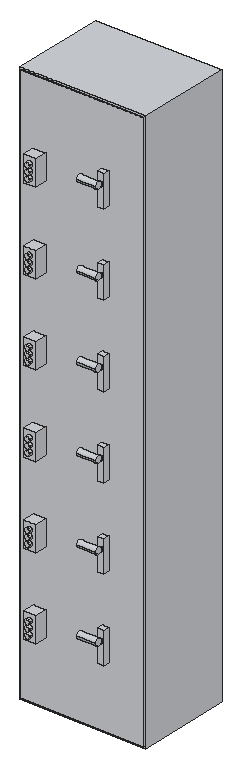
Revit family "M_Centros de controle de motor modular - Corte de ignição do motor", category Equipamento elétrico, Revit 2019
Family settings
  Cota do conector redondo = Utilizar diâmetro
  Tipo de parte = Quadro elétrico
  Número OmniClass = 23.80.30.11.17
  Título OmniClass = Distribution Boards and Control Panels
  ID de item do Seek = Modular Motor Control Centers - Motor Starter Section-0000-CAN-ENU
  Com base no plano de trabalho = Não
  Sempre na vertical = Sim
  Corte com vazios quando carregada = Não
  Compartilhado = Não
  Ponto de cálculo do ambiente = Não
Parameters (values of type "508mmx381mm")
  Voltagem do interruptor = 480 V
  Material do interruptor = none
  Material do botão = none
  Número de pólos = 3
  built-in parameter 1140079 [instance] = 3
  MCC Largura = Largura do armário + 102 mm  # 483 mm
  MCC Material = none
  Classificação de carga = AVAC
  Meio comprimento = Comprimento do armário / 2  # 254 mm
  built-in parameter 1140083 [instance] = "Tipo 12"
  built-in parameter 1140087 [instance] = 1
  Largura do armário = 381 mm
  Comprimento do armário = 508 mm
Types (4, lengths in mm): name | MCC Largura | Meio comprimento | Largura do armário | Comprimento do armário
  (no name) | 483 | 254 | 381 | 508
  508mmx381mm | 483 | 254 | 381 | 508
  508mmx508mm | 610 | 254 | 508 | 508
  610mmx508mm | 610 | 305 | 508 | 610
Reference planes
  plane 1 "Centro (Frente/Trás)": y = 0
  plane 2: z = 0
  plane 3 "Centro (Esquerda/Direita)": x = 0
  plane 4: y = -483
  plane 5: x = -254
  plane 6: x = 254
  plane 7: y = -381.4
  plane 8: z = 2286
  plane 9: y = -384.575
  plane 10: x = -247.65
  plane 11: x = 247.65
  plane 12: z = 2279.65
  plane 13: z = 6.35
  plane 14: x = -196.85
  plane 15: x = -146.05
  plane 16: y = -435.375
  plane 17: y = -448.075
  plane 18: z = 2038.35
  plane 19: z = 1911.35
  plane 20: z = 2012.95
  plane 21: x = -171.45
  plane 22: z = 1987.55
  plane 23: x = 95.25
  plane 24: x = 82.55
  plane 25: x = 107.95
  plane 26: x = 92.075
  plane 27: x = 98.425
  plane 28: x = 57.15
  plane 29: x = 133.35
  plane 30: y = -409.975
  plane 31: z = 2006.326
  plane 32: z = 1974.85
  plane 33: y = -470.3
  plane 34: y = -190.7
  plane 35: z = 1708.15
  plane 36: z = 1581.15
  plane 37: z = 1682.75
  plane 38: z = 1657.35
  plane 39: z = 1377.95
  plane 40: z = 1250.95
  plane 41: z = 1352.55
  plane 42: z = 1327.15
  plane 43: z = 1047.75
  plane 44: z = 920.75
  plane 45: z = 1022.35
  plane 46: z = 996.95
  plane 47: z = 717.55
  plane 48: z = 590.55
  plane 49: z = 692.15
  plane 50: z = 666.75
  plane 51: z = 387.35
  plane 52: z = 260.35
  plane 53: z = 361.95
  plane 54: z = 336.55
Forms (mm)
  Extrusion 1, solid, material <- "MCC Material"
    sketch origin (0, 0, 0) x (1, 0, 0) y (0, 1, 0)
      loop
        line (-254, -381.4) -> (254, -381.4) -> (254, 0) -> (-254, 0) -> (-254, -381.4)
    from 2286 to 0
  Extrusion 2, solid, material <- "MCC Material", detail levels fine
    sketch origin (0, 0, 0) x (1, 0, 0) y (0, 1, 0)
      loop
        line (-247.65, -384.575) -> (247.65, -384.575) -> (247.65, -381.4) -> (-247.65, -381.4) -> (-247.65, -384.575)
    from 6.35 to 2279.65
  Extrusion 3, solid, material <- "Material do botão", detail levels fine
    sketch origin (0, 0, 0) x (1, 0, 0) y (0, 1, 0)
      loop
        line (-196.85, -435.375) -> (-146.05, -435.375) -> (-146.05, -384.575) -> (-196.85, -384.575) -> (-196.85, -435.375)
    from 1911.35 to 2012.95
  Extrusion 4, solid, material <- "Material do botão", detail levels fine
    sketch origin (0, 0, 0) x (1, 0, 0) y (0, 0, 1)
      loop
        circle (-171.45, 1987.55) r 9.525
    from 448.075 to 435.375
  Extrusion 5, solid, material <- "Material do botão", detail levels fine
    sketch origin (0, 0, -25.4) x (1, 0, 0) y (0, 0, 1)
      loop
        circle (-171.45, 1987.55) r 9.525
    from 448.075 to 435.375
  Extrusion 6, solid, material <- "Material do botão", detail levels fine
    sketch origin (0, 0, -50.8) x (1, 0, 0) y (0, 0, 1)
      loop
        circle (-171.45, 1987.55) r 9.525
    from 448.075 to 435.375
  Extrusion 7, solid, material <- "Material do botão", detail levels fine
    sketch origin (0, -12.7, -330.2) x (1, 0, 0) y (0, 1, 0)
      loop
        line (-196.85, -422.675) -> (-146.05, -422.675) -> (-146.05, -371.875) -> (-196.85, -371.875) -> (-196.85, -422.675)
    from 1911.35 to 2012.95
  Extrusion 8, solid, material <- "Material do botão", detail levels fine
    sketch origin (0, 0, -330.2) x (1, 0, 0) y (0, 0, 1)
      loop
        circle (-171.45, 1987.55) r 9.525
    from 448.075 to 435.375
  Extrusion 9, solid, material <- "Material do botão", detail levels fine
    sketch origin (0, 0, -355.6) x (1, 0, 0) y (0, 0, 1)
      loop
        circle (-171.45, 1987.55) r 9.525
    from 448.075 to 435.375
  Extrusion 10, solid, material <- "Material do botão", detail levels fine
    sketch origin (0, 0, -381) x (1, 0, 0) y (0, 0, 1)
      loop
        circle (-171.45, 1987.55) r 9.525
    from 448.075 to 435.375
  Extrusion 11, solid, material <- "Material do botão", detail levels fine
    sketch origin (0, 0, -660.4) x (1, 0, 0) y (0, 1, 0)
      loop
        line (-196.85, -435.375) -> (-146.05, -435.375) -> (-146.05, -384.575) -> (-196.85, -384.575) -> (-196.85, -435.375)
    from 1911.35 to 2012.95
  Extrusion 12, solid, material <- "Material do botão", detail levels fine
    sketch origin (0, 0, -660.4) x (1, 0, 0) y (0, 0, 1)
      loop
        circle (-171.45, 1987.55) r 9.525
    from 448.075 to 435.375
  Extrusion 13, solid, material <- "Material do botão", detail levels fine
    sketch origin (0, 0, -685.8) x (1, 0, 0) y (0, 0, 1)
      loop
        circle (-171.45, 1987.55) r 9.525
    from 448.075 to 435.375
  Extrusion 14, solid, material <- "Material do botão", detail levels fine
    sketch origin (0, 0, -711.2) x (1, 0, 0) y (0, 0, 1)
      loop
        circle (-171.45, 1987.55) r 9.525
    from 448.075 to 435.375
  Extrusion 15, solid, material <- "Material do botão", detail levels fine
    sketch origin (0, -12.7, -990.6) x (1, 0, 0) y (0, 1, 0)
      loop
        line (-196.85, -422.675) -> (-146.05, -422.675) -> (-146.05, -371.875) -> (-196.85, -371.875) -> (-196.85, -422.675)
    from 1911.35 to 2012.95
  Extrusion 16, solid, material <- "Material do botão", detail levels fine
    sketch origin (0, 0, -990.6) x (1, 0, 0) y (0, 0, 1)
      loop
        circle (-171.45, 1987.55) r 9.525
    from 448.075 to 435.375
  Extrusion 17, solid, material <- "Material do botão", detail levels fine
    sketch origin (0, 0, -1016) x (1, 0, 0) y (0, 0, 1)
      loop
        circle (-171.45, 1987.55) r 9.525
    from 448.075 to 435.375
  Extrusion 18, solid, material <- "Material do botão", detail levels fine
    sketch origin (0, 0, -1041.4) x (1, 0, 0) y (0, 0, 1)
      loop
        circle (-171.45, 1987.55) r 9.525
    from 448.075 to 435.375
  Extrusion 19, solid, material <- "Material do botão", detail levels fine
    sketch origin (0, 0, -1320.8) x (1, 0, 0) y (0, 1, 0)
      loop
        line (-196.85, -435.375) -> (-146.05, -435.375) -> (-146.05, -384.575) -> (-196.85, -384.575) -> (-196.85, -435.375)
    from 1911.35 to 2012.95
  Extrusion 20, solid, material <- "Material do botão", detail levels fine
    sketch origin (0, 0, -1320.8) x (1, 0, 0) y (0, 0, 1)
      loop
        circle (-171.45, 1987.55) r 9.525
    from 435.375 to 448.075
  Extrusion 21, solid, material <- "Material do botão", detail levels fine
    sketch origin (0, 0, -1346.2) x (1, 0, 0) y (0, 0, 1)
      loop
        circle (-171.45, 1987.55) r 9.525
    from 435.375 to 448.075
  Extrusion 22, solid, material <- "Material do botão", detail levels fine
    sketch origin (0, 0, -1371.6) x (1, 0, 0) y (0, 0, 1)
      loop
        circle (-171.45, 1987.55) r 9.525
    from 435.375 to 448.075
  Extrusion 23, solid, material <- "Material do botão", detail levels fine
    sketch origin (0, 0, -1651) x (1, 0, 0) y (0, 1, 0)
      loop
        line (-196.85, -435.375) -> (-146.05, -435.375) -> (-146.05, -384.575) -> (-196.85, -384.575) -> (-196.85, -435.375)
    from 1911.35 to 2012.95
  Extrusion 24, solid, material <- "Material do botão", detail levels fine
    sketch origin (0, 0, -1651) x (1, 0, 0) y (0, 0, 1)
      loop
        circle (-171.45, 1987.55) r 9.525
    from 448.075 to 435.375
  Extrusion 25, solid, material <- "Material do botão", detail levels fine
    sketch origin (0, 0, -1676.4) x (1, 0, 0) y (0, 0, 1)
      loop
        circle (-171.45, 1987.55) r 9.525
    from 448.075 to 435.375
  Extrusion 26, solid, material <- "Material do botão", detail levels fine
    sketch origin (0, 0, -1701.8) x (1, 0, 0) y (0, 0, 1)
      loop
        circle (-171.45, 1987.55) r 9.525
    from 448.075 to 435.375
  Extrusion 27, solid, material <- "Material do interruptor", detail levels fine
    sketch origin (0, 0, 0) x (1, 0, 0) y (0, 0, 1)
      loop
        line (82.55, 1911.35) -> (107.95, 1911.35) -> (107.95, 2038.35) -> (82.55, 2038.35) -> (82.55, 1911.35)
    from 409.975 to 384.575
  Extrusion 28, solid, material <- "Material do interruptor", detail levels fine
    sketch origin (0, 0, 0) x (0, 1, 0) y (0, 0, 1)
      loop
        line (-409.975, 2006.326) -> (-470.3, 2041.154) -> (-470.3, 2022.379) -> (-409.975, 1987.55) -> (-409.975, 2006.326)
    from 98.425 to 92.075
  Extrusion 29, solid, material <- "Material do interruptor", detail levels fine
    sketch origin (0, 0, 0) x (0, 1, 0) y (0, 0, 1)
      loop
        circle (-470.3, 2031.512) r 12.7
    from 133.35 to 57.15
  Extrusion 30, solid, material <- "Material do interruptor", detail levels fine
    sketch origin (0, 0, -330.2) x (1, 0, 0) y (0, 0, 1)
      loop
        line (82.55, 1911.35) -> (107.95, 1911.35) -> (107.95, 2038.35) -> (82.55, 2038.35) -> (82.55, 1911.35)
    from 409.975 to 384.575
  Extrusion 31, solid, material <- "Material do interruptor", detail levels fine
    sketch origin (0, 0, -330.2) x (0, 1, 0) y (0, 0, 1)
      loop
        line (-409.975, 2006.326) -> (-470.3, 2041.154) -> (-470.3, 2022.379) -> (-409.975, 1987.55) -> (-409.975, 2006.326)
    from 98.425 to 92.075
  Extrusion 32, solid, material <- "Material do interruptor", detail levels fine
    sketch origin (0, 0, -330.2) x (0, 1, 0) y (0, 0, 1)
      loop
        circle (-470.3, 2031.512) r 12.7
    from 133.35 to 57.15
  Extrusion 33, solid, material <- "Material do interruptor", detail levels fine
    sketch origin (0, 0, -660.4) x (1, 0, 0) y (0, 0, 1)
      loop
        line (82.55, 1911.35) -> (107.95, 1911.35) -> (107.95, 2038.35) -> (82.55, 2038.35) -> (82.55, 1911.35)
    from 409.975 to 384.575
  Extrusion 34, solid, material <- "Material do interruptor", detail levels fine
    sketch origin (0, 0, -660.4) x (0, 1, 0) y (0, 0, 1)
      loop
        line (-409.975, 2006.326) -> (-470.3, 2041.154) -> (-470.3, 2022.379) -> (-409.975, 1987.55) -> (-409.975, 2006.326)
    from 98.425 to 92.075
  Extrusion 35, solid, material <- "Material do interruptor", detail levels fine
    sketch origin (0, 0, -660.4) x (0, 1, 0) y (0, 0, 1)
      loop
        circle (-470.3, 2031.512) r 12.7
    from 133.35 to 57.15
  Extrusion 36, solid, material <- "Material do interruptor", detail levels fine
    sketch origin (0, 0, -990.6) x (1, 0, 0) y (0, 0, 1)
      loop
        line (82.55, 1911.35) -> (107.95, 1911.35) -> (107.95, 2038.35) -> (82.55, 2038.35) -> (82.55, 1911.35)
    from 409.975 to 384.575
  Extrusion 37, solid, material <- "Material do interruptor", detail levels fine
    sketch origin (0, 0, -990.6) x (0, 1, 0) y (0, 0, 1)
      loop
        line (-409.975, 2006.326) -> (-470.3, 2041.154) -> (-470.3, 2022.379) -> (-409.975, 1987.55) -> (-409.975, 2006.326)
    from 98.425 to 92.075
  Extrusion 38, solid, material <- "Material do interruptor", detail levels fine
    sketch origin (0, 0, -990.6) x (0, 1, 0) y (0, 0, 1)
      loop
        circle (-470.3, 2031.512) r 12.7
    from 133.35 to 57.15
  Extrusion 39, solid, material <- "Material do interruptor", detail levels fine
    sketch origin (0, 0, -1320.8) x (1, 0, 0) y (0, 0, 1)
      loop
        line (82.55, 1911.35) -> (107.95, 1911.35) -> (107.95, 2038.35) -> (82.55, 2038.35) -> (82.55, 1911.35)
    from 409.975 to 384.575
  Extrusion 40, solid, material <- "Material do interruptor", detail levels fine
    sketch origin (0, 0, -1320.8) x (0, 1, 0) y (0, 0, 1)
      loop
        line (-409.975, 2006.326) -> (-470.3, 2041.154) -> (-470.3, 2022.379) -> (-409.975, 1987.55) -> (-409.975, 2006.326)
    from 98.425 to 92.075
  Extrusion 41, solid, material <- "Material do interruptor", detail levels fine
    sketch origin (0, 0, -1320.8) x (0, 1, 0) y (0, 0, 1)
      loop
        circle (-470.3, 2031.512) r 12.7
    from 57.15 to 133.35
  Extrusion 42, solid, material <- "Material do interruptor", detail levels fine
    sketch origin (0, 0, -1651) x (1, 0, 0) y (0, 0, 1)
      loop
        line (82.55, 1911.35) -> (107.95, 1911.35) -> (107.95, 2038.35) -> (82.55, 2038.35) -> (82.55, 1911.35)
    from 409.975 to 384.575
  Extrusion 43, solid, material <- "Material do interruptor", detail levels fine
    sketch origin (0, 0, -1651) x (0, 1, 0) y (0, 0, 1)
      loop
        line (-409.975, 2006.326) -> (-470.3, 2041.154) -> (-470.3, 2022.379) -> (-409.975, 1987.55) -> (-409.975, 2006.326)
    from 98.425 to 92.075
  Extrusion 44, solid, material <- "Material do interruptor", detail levels fine
    sketch origin (0, 0, -1651) x (0, 1, 0) y (0, 0, 1)
      loop
        circle (-470.3, 2031.512) r 12.7
    from 133.35 to 57.15
Cuts and joins
  joined: Extrusion 3, Extrusion 4, Extrusion 5, Extrusion 6
  joined: Extrusion 27, Extrusion 28, Extrusion 29
  joined: Extrusion 36, Extrusion 37, Extrusion 38
  joined: Extrusion 33, Extrusion 34, Extrusion 35
  joined: Extrusion 30, Extrusion 31, Extrusion 32
  joined: Extrusion 39, Extrusion 40, Extrusion 41
  joined: Extrusion 42, Extrusion 43, Extrusion 44
  joined: Extrusion 23, Extrusion 24, Extrusion 25, Extrusion 26
  joined: Extrusion 19, Extrusion 20, Extrusion 21, Extrusion 22
  joined: Extrusion 15, Extrusion 16, Extrusion 17, Extrusion 18
  joined: Extrusion 11, Extrusion 12, Extrusion 13, Extrusion 14
  joined: Extrusion 7, Extrusion 8, Extrusion 9, Extrusion 10
Lines and regions (mm)
  model lines, detail levels fine
    curve 1: line (-247.65, -384.575, 2139.95) -> (247.65, -384.575, 2139.95)
    curve 2: line (165.1, -384.575, 2127.25) -> (165.1, -384.575, 158.75)
    curve 3: line (152.4, -384.575, 2127.25) -> (152.4, -384.575, 158.75)
    curve 4: line (-247.65, -384.575, 2127.25) -> (152.4, -384.575, 2127.25)
    curve 5: line (-247.65, -384.575, 1809.75) -> (152.4, -384.575, 1809.75)
    curve 6: line (-247.65, -384.575, 1797.05) -> (152.4, -384.575, 1797.05)
    curve 7: line (-247.65, -384.575, 1479.55) -> (152.4, -384.575, 1479.55)
    curve 8: line (-247.65, -384.575, 1466.85) -> (152.4, -384.575, 1466.85)
    curve 9: line (-247.65, -384.575, 1149.35) -> (152.4, -384.575, 1149.35)
    curve 10: line (-247.65, -384.575, 1136.65) -> (152.4, -384.575, 1136.65)
    curve 11: line (-247.65, -384.575, 819.15) -> (152.4, -384.575, 819.15)
    curve 12: line (-247.65, -384.575, 806.45) -> (152.4, -384.575, 806.45)
    curve 13: line (-247.65, -384.575, 488.95) -> (152.4, -384.575, 488.95)
    curve 14: line (-247.65, -384.575, 476.25) -> (152.4, -384.575, 476.25)
    curve 15: line (-247.65, -384.575, 158.75) -> (152.4, -384.575, 158.75)
    curve 16: line (-247.65, -384.575, 146.05) -> (247.65, -384.575, 146.05)
    curve 17: line (165.1, -384.575, 2127.25) -> (247.65, -384.575, 2127.25)
    curve 18: line (165.1, -384.575, 158.75) -> (247.65, -384.575, 158.75)
Dimensions and locks
  "MCC Largura": plane 4 to plane 1 "Centro (Frente/Trás)"
  "Meio comprimento": plane 5 to plane 3 "Centro (Esquerda/Direita)"
  "Meio comprimento": plane 6 to plane 3 "Centro (Esquerda/Direita)"
  locked: plane 7 to plane 4 at 101.6
  locked: plane 8 to plane 2 at 2286
  locked: plane 9 to plane 4 at 98.425
  locked: plane 5 to plane 10 at 6.35
  locked: plane 11 to plane 6 at 6.35
  locked: plane 8 to plane 12 at 6.35
  locked: plane 13 to plane 2 at 6.35
  locked: curve 2 to plane 6 at 88.9
  locked: curve 3 to curve 2 at 12.7
  plane 5 to plane 14 = 57.15 mm
  locked: plane 14 to plane 15 at 50.8
  locked: plane 9 to plane 16 at 50.8
  locked: plane 16 to plane 17 at 12.7
  locked: plane 8 to plane 18 at 247.65
  locked: plane 18 to plane 19 at 127
  equal spacing: plane 15, plane 21, plane 14
  locked: plane 20 to plane 19 at 101.6
  locked: plane 20 to plane 22 at 25.4
  locked: plane 23 to plane 6 at 158.75
  plane 24 to plane 23 to plane 25 = 12.7 mm locked, 12.7 mm locked
  plane 26 to plane 23 to plane 27 = 3.175 mm locked, 3.175 mm locked
  locked: plane 28 to plane 23 at 38.1
  locked: plane 23 to plane 29 at 38.1
  locked: plane 9 to plane 30 at 25.4
  locked: plane 18 to plane 31 at 32.024
  locked: plane 32 to plane 19 at 63.5
  locked: plane 33 to plane 4 at 12.7
  equal spacing: plane 7, plane 34, plane 1 "Centro (Frente/Trás)"
  locked: connector elem to plane 6 at 50.8
  locked: connector elem to plane 34
  locked: plane 35 to plane 36 at 127
  locked: plane 37 to plane 36 at 101.6
  locked: plane 37 to plane 38 at 25.4
  locked: plane 39 to plane 40 at 127
  locked: plane 41 to plane 40 at 101.6
  locked: plane 41 to plane 42 at 25.4
  locked: plane 43 to plane 44 at 127
  locked: plane 45 to plane 44 at 101.6
  locked: plane 45 to plane 46 at 25.4
  locked: plane 47 to plane 48 at 127
  locked: plane 49 to plane 48 at 101.6
  locked: plane 49 to plane 50 at 25.4
  locked: plane 51 to plane 52 at 127
  locked: plane 53 to plane 52 at 101.6
  locked: plane 53 to plane 54 at 25.4
  locked: plane 18 to plane 35 at 330.2
  locked: plane 35 to plane 39 at 330.2
  locked: plane 39 to plane 43 at 330.2
  locked: plane 43 to plane 47 at 330.2
  locked: plane 47 to plane 51 at 330.2
  locked: plane 18 to Extrusion 29 sketch curve at 6.838
  locked: plane 35 to Extrusion 32 sketch curve at 6.838
  locked: plane 39 to Extrusion 35 sketch curve at 6.838
  locked: plane 43 to Extrusion 38 sketch curve at 6.838
  locked: plane 47 to Extrusion 41 sketch curve at 6.838
  locked: plane 51 to Extrusion 44 sketch curve at 6.838
  locked: plane 22 to Extrusion 28 sketch curve (angle 30.00°)
  locked: plane 22 to cut or joined group of Extrusion 27, Extrusion 28, Extrusion 29 (angle 30.00°)
  locked: plane 38 to cut or joined group of Extrusion 30, Extrusion 31, Extrusion 32 (angle 30.00°)  (x2)
  locked: plane 42 to cut or joined group of Extrusion 33, Extrusion 34, Extrusion 35 (angle 30.00°)  (x2)
  locked: plane 46 to cut or joined group of Extrusion 36, Extrusion 37, Extrusion 38 (angle 30.00°)  (x2)
  locked: plane 50 to cut or joined group of Extrusion 39, Extrusion 40, Extrusion 41 (angle 30.00°)  (x2)
  locked: plane 54 to cut or joined group of Extrusion 42, Extrusion 43, Extrusion 44 (angle 30.00°)  (x2)
  aligned and locked: plane 5 to Extrusion 1 sketch curve
  aligned and locked: Extrusion 1 sketch curve to plane 7
  aligned and locked: plane 1 "Centro (Frente/Trás)" to Extrusion 1 sketch curve
  aligned and locked: plane 6 to Extrusion 1 sketch curve
  aligned and locked: plane 8 to Extrusion 1
  aligned and locked: Extrusion 1 to plane 2
  aligned and locked: plane 10 to Extrusion 2 sketch curve
  aligned and locked: Extrusion 2 sketch curve to plane 9
  aligned and locked: plane 7 to Extrusion 2 sketch curve
  aligned and locked: plane 11 to Extrusion 2 sketch curve
  aligned and locked: Extrusion 2 to plane 13
  aligned and locked: plane 12 to Extrusion 2
  aligned and locked: plane 10 to curve 1
  aligned and locked: plane 11 to curve 1
  aligned and locked: plane 11 to curve 18
  aligned and locked: plane 14 to Extrusion 3 sketch curve
  aligned and locked: Extrusion 3 sketch curve to plane 16
  aligned and locked: plane 9 to Extrusion 3 sketch curve
  aligned and locked: plane 15 to Extrusion 3 sketch curve
  aligned and locked: Extrusion 3 to plane 19
  aligned and locked: plane 21 to Extrusion 4 sketch curve
  aligned and locked: Extrusion 4 to plane 16
  aligned and locked: Extrusion 4 to plane 17
  aligned and locked: plane 20 to Extrusion 3
  aligned and locked: plane 22 to Extrusion 4 sketch curve
  aligned and locked: plane 20 to cut or joined group of Extrusion 3, Extrusion 4, Extrusion 5, Extrusion 6
  aligned and locked: cut or joined group of Extrusion 3, Extrusion 4, Extrusion 5, Extrusion 6 to plane 19
  aligned and locked: plane 15 to Extrusion 23
  aligned and locked: Extrusion 23 to plane 14
  aligned and locked: plane 15 to Extrusion 19
  aligned and locked: Extrusion 19 to plane 14
  aligned and locked: plane 15 to Extrusion 15
  aligned and locked: Extrusion 15 to plane 14
  aligned and locked: plane 15 to Extrusion 11
  aligned and locked: Extrusion 11 to plane 14
  aligned and locked: plane 15 to Extrusion 7
  aligned and locked: Extrusion 7 to plane 14
  aligned and locked: plane 15 to cut or joined group of Extrusion 3, Extrusion 4, Extrusion 5, Extrusion 6
  aligned and locked: cut or joined group of Extrusion 3, Extrusion 4, Extrusion 5, Extrusion 6 to plane 14
  aligned and locked: cut or joined group of Extrusion 3, Extrusion 4, Extrusion 5, Extrusion 6 to plane 20  (x2)
  aligned and locked: plane 19 to cut or joined group of Extrusion 3, Extrusion 4, Extrusion 5, Extrusion 6
  aligned and locked: plane 24 to Extrusion 27 sketch curve
  aligned and locked: Extrusion 27 sketch curve to plane 19
  aligned and locked: plane 18 to Extrusion 27 sketch curve
  aligned and locked: plane 25 to Extrusion 27 sketch curve
  aligned and locked: Extrusion 27 to plane 9
  aligned and locked: plane 30 to Extrusion 27
  aligned and locked: plane 33 to Extrusion 28 sketch curve
  aligned and locked: plane 28 to Extrusion 29
  aligned and locked: plane 29 to Extrusion 29
  aligned and locked: plane 26 to Extrusion 28
  aligned and locked: plane 27 to Extrusion 28
  aligned and locked: plane 30 to Extrusion 30
  aligned and locked: plane 30 to Extrusion 33
  aligned and locked: plane 30 to Extrusion 36
  aligned and locked: plane 30 to Extrusion 39
  aligned and locked: plane 30 to Extrusion 42
  aligned and locked: Extrusion 43 to plane 30
  aligned and locked: Extrusion 40 to plane 30
  aligned and locked: Extrusion 37 to plane 30
  aligned and locked: Extrusion 34 to plane 30
  aligned and locked: Extrusion 31 to plane 30
  aligned and locked: plane 30 to cut or joined group of Extrusion 27, Extrusion 28, Extrusion 29
  aligned and locked: Extrusion 32 to plane 28
  aligned and locked: plane 29 to Extrusion 32
  aligned and locked: plane 26 to Extrusion 31
  aligned and locked: plane 27 to Extrusion 31
  aligned and locked: Extrusion 35 to plane 28
  aligned and locked: plane 29 to Extrusion 35
  aligned and locked: plane 26 to Extrusion 34
  aligned and locked: plane 27 to Extrusion 34
  aligned and locked: Extrusion 38 to plane 28
  aligned and locked: plane 29 to Extrusion 38
  aligned and locked: plane 26 to Extrusion 37
  aligned and locked: plane 27 to Extrusion 37
  aligned and locked: plane 28 to Extrusion 41
  aligned and locked: plane 29 to Extrusion 41
  aligned and locked: plane 26 to Extrusion 40
  aligned and locked: plane 27 to Extrusion 40
  aligned and locked: Extrusion 44 to plane 28
  aligned and locked: plane 29 to Extrusion 44
  aligned and locked: plane 26 to Extrusion 43
  aligned and locked: plane 27 to Extrusion 43
  aligned and locked: plane 9 to Extrusion 30
  aligned and locked: plane 9 to Extrusion 33
  aligned and locked: plane 9 to Extrusion 42
  aligned and locked: plane 9 to Extrusion 39
  aligned and locked: plane 9 to Extrusion 36
  aligned and locked: cut or joined group of Extrusion 3, Extrusion 4, Extrusion 5, Extrusion 6 to plane 16  (x4)
  aligned and locked: cut or joined group of Extrusion 3, Extrusion 4, Extrusion 5, Extrusion 6 to plane 17  (x2)
  aligned and locked: Extrusion 8 to plane 16
  aligned and locked: Extrusion 9 to plane 16
  aligned and locked: Extrusion 10 to plane 16
  aligned and locked: Extrusion 8 to plane 17
  aligned and locked: Extrusion 9 to plane 17
  aligned and locked: Extrusion 10 to plane 17
  aligned and locked: Extrusion 12 to plane 16
  aligned and locked: Extrusion 13 to plane 16
  aligned and locked: Extrusion 14 to plane 16
  aligned and locked: Extrusion 12 to plane 17
  aligned and locked: Extrusion 13 to plane 17
  aligned and locked: Extrusion 14 to plane 17
  aligned and locked: Extrusion 16 to plane 16
  aligned and locked: Extrusion 17 to plane 16
  aligned and locked: Extrusion 18 to plane 16
  aligned and locked: Extrusion 16 to plane 17
  aligned and locked: Extrusion 17 to plane 17
  aligned and locked: Extrusion 18 to plane 17
  aligned and locked: Extrusion 20 to plane 16
  aligned and locked: Extrusion 21 to plane 16
  aligned and locked: Extrusion 22 to plane 16
  aligned and locked: Extrusion 20 to plane 17
  aligned and locked: Extrusion 21 to plane 17
  aligned and locked: Extrusion 22 to plane 17
  aligned and locked: Extrusion 24 to plane 16
  aligned and locked: Extrusion 25 to plane 16
  aligned and locked: Extrusion 26 to plane 16
  aligned and locked: Extrusion 24 to plane 17
  aligned and locked: Extrusion 25 to plane 17
  aligned and locked: Extrusion 26 to plane 17
  aligned and locked: plane 33 to Extrusion 32 sketch curve
  aligned and locked: plane 33 to Extrusion 35 sketch curve
  aligned and locked: plane 33 to Extrusion 38 sketch curve
  aligned and locked: plane 33 to Extrusion 41 sketch curve
  aligned and locked: plane 33 to Extrusion 44 sketch curve
  aligned and locked: plane 35 to cut or joined group of Extrusion 30, Extrusion 31, Extrusion 32
  aligned and locked: cut or joined group of Extrusion 7, Extrusion 8, Extrusion 9, Extrusion 10 to plane 36
  aligned and locked: cut or joined group of Extrusion 30, Extrusion 31, Extrusion 32 to plane 36  (x2)
  aligned and locked: plane 36 to cut or joined group of Extrusion 7, Extrusion 8, Extrusion 9, Extrusion 10
  aligned and locked: plane 39 to cut or joined group of Extrusion 33, Extrusion 34, Extrusion 35
  aligned and locked: cut or joined group of Extrusion 11, Extrusion 12, Extrusion 13, Extrusion 14 to plane 40
  aligned and locked: cut or joined group of Extrusion 33, Extrusion 34, Extrusion 35 to plane 40  (x2)
  aligned and locked: plane 40 to cut or joined group of Extrusion 11, Extrusion 12, Extrusion 13, Extrusion 14  (x2)
  aligned and locked: plane 43 to cut or joined group of Extrusion 36, Extrusion 37, Extrusion 38
  aligned and locked: cut or joined group of Extrusion 15, Extrusion 16, Extrusion 17, Extrusion 18 to plane 44
  aligned and locked: plane 47 to cut or joined group of Extrusion 39, Extrusion 40, Extrusion 41
  aligned and locked: cut or joined group of Extrusion 19, Extrusion 20, Extrusion 21, Extrusion 22 to plane 48
  aligned and locked: plane 51 to cut or joined group of Extrusion 42, Extrusion 43, Extrusion 44
  aligned and locked: cut or joined group of Extrusion 23, Extrusion 24, Extrusion 25, Extrusion 26 to plane 52
  aligned and locked: plane 38 to Extrusion 8 sketch curve
  aligned and locked: plane 21 to Extrusion 8 sketch curve
  aligned and locked: plane 41 to cut or joined group of Extrusion 11, Extrusion 12, Extrusion 13, Extrusion 14
  aligned and locked: plane 37 to cut or joined group of Extrusion 7, Extrusion 8, Extrusion 9, Extrusion 10
  aligned and locked: cut or joined group of Extrusion 27, Extrusion 28, Extrusion 29 to plane 19
  aligned and locked: cut or joined group of Extrusion 11, Extrusion 12, Extrusion 13, Extrusion 14 to plane 41
  aligned and locked: plane 45 to cut or joined group of Extrusion 15, Extrusion 16, Extrusion 17, Extrusion 18
  aligned and locked: cut or joined group of Extrusion 36, Extrusion 37, Extrusion 38 to plane 44  (x2)
  aligned and locked: plane 49 to cut or joined group of Extrusion 19, Extrusion 20, Extrusion 21, Extrusion 22
  aligned and locked: cut or joined group of Extrusion 39, Extrusion 40, Extrusion 41 to plane 48  (x2)
  aligned and locked: plane 53 to cut or joined group of Extrusion 23, Extrusion 24, Extrusion 25, Extrusion 26
  aligned and locked: cut or joined group of Extrusion 42, Extrusion 43, Extrusion 44 to plane 52
  aligned and locked: plane 9 to cut or joined group of Extrusion 23, Extrusion 24, Extrusion 25, Extrusion 26
  aligned and locked: plane 9 to cut or joined group of Extrusion 42, Extrusion 43, Extrusion 44
  aligned and locked: cut or joined group of Extrusion 23, Extrusion 24, Extrusion 25, Extrusion 26 to plane 16  (x2)
  aligned and locked: cut or joined group of Extrusion 23, Extrusion 24, Extrusion 25, Extrusion 26 to plane 17  (x3)
  aligned and locked: plane 30 to cut or joined group of Extrusion 42, Extrusion 43, Extrusion 44
  aligned and locked: plane 30 to cut or joined group of Extrusion 39, Extrusion 40, Extrusion 41
  aligned and locked: cut or joined group of Extrusion 19, Extrusion 20, Extrusion 21, Extrusion 22 to plane 16
  aligned and locked: plane 9 to cut or joined group of Extrusion 19, Extrusion 20, Extrusion 21, Extrusion 22
  aligned and locked: cut or joined group of Extrusion 19, Extrusion 20, Extrusion 21, Extrusion 22 to plane 9
  aligned and locked: plane 9 to cut or joined group of Extrusion 15, Extrusion 16, Extrusion 17, Extrusion 18
  aligned and locked: cut or joined group of Extrusion 15, Extrusion 16, Extrusion 17, Extrusion 18 to plane 16
  aligned and locked: plane 9 to cut or joined group of Extrusion 36, Extrusion 37, Extrusion 38
  aligned and locked: plane 30 to cut or joined group of Extrusion 36, Extrusion 37, Extrusion 38
  aligned and locked: plane 9 to cut or joined group of Extrusion 11, Extrusion 12, Extrusion 13, Extrusion 14
  aligned and locked: plane 9 to cut or joined group of Extrusion 7, Extrusion 8, Extrusion 9, Extrusion 10
  aligned and locked: plane 9 to cut or joined group of Extrusion 30, Extrusion 31, Extrusion 32
  aligned and locked: plane 30 to cut or joined group of Extrusion 30, Extrusion 31, Extrusion 32
  aligned and locked: cut or joined group of Extrusion 7, Extrusion 8, Extrusion 9, Extrusion 10 to plane 16
  aligned and locked: plane 9 to cut or joined group of Extrusion 27, Extrusion 28, Extrusion 29
  aligned and locked: cut or joined group of Extrusion 27, Extrusion 28, Extrusion 29 to plane 30
  aligned and locked: plane 33 to Extrusion 29 sketch curve
Automatic sketch dimensions
  Extrusion 5 sketch curve to plane 21 = 0 mm
  Extrusion 5 sketch curve to plane 32 = 12.7 mm
  Extrusion 9 sketch curve to plane 21 = 0 mm
  Extrusion 9 sketch curve to plane 38 = 25.4 mm
  Extrusion 10 sketch curve to plane 21 = 0 mm
  plane 36 to Extrusion 10 sketch curve = 25.4 mm
  Extrusion 12 sketch curve to plane 21 = 0 mm
  Extrusion 12 sketch curve to plane 36 = 254 mm
  Extrusion 13 sketch curve to plane 21 = 0 mm
  Extrusion 13 sketch curve to plane 36 = 279.4 mm
  Extrusion 14 sketch curve to plane 21 = 0 mm
  Extrusion 14 sketch curve to plane 36 = 304.8 mm
  Extrusion 16 sketch curve to plane 21 = 0 mm
  Extrusion 16 sketch curve to plane 36 = 584.2 mm
  Extrusion 17 sketch curve to plane 21 = 0 mm
  Extrusion 17 sketch curve to plane 36 = 609.6 mm
  Extrusion 18 sketch curve to plane 21 = 0 mm
  Extrusion 18 sketch curve to plane 36 = 635 mm
  Extrusion 30 sketch curve to plane 24 = 0 mm
  Extrusion 30 sketch curve to plane 25 = 0 mm
  Extrusion 30 sketch curve to plane 36 = 0 mm
  Extrusion 30 sketch curve to plane 35 = 0 mm
  Extrusion 33 sketch curve to plane 24 = 0 mm
  Extrusion 33 sketch curve to plane 25 = 0 mm
  Extrusion 33 sketch curve to plane 36 = 330.2 mm
  Extrusion 33 sketch curve to Extrusion 33 sketch curve = 127 mm
  Extrusion 36 sketch curve to plane 24 = 0 mm
  Extrusion 36 sketch curve to plane 25 = 0 mm
  Extrusion 36 sketch curve to plane 36 = 660.4 mm
  Extrusion 36 sketch curve to Extrusion 36 sketch curve = 127 mm
  Extrusion 20 sketch curve to plane 21 = 0 mm
  Extrusion 20 sketch curve to plane 40 = 584.2 mm
  Extrusion 21 sketch curve to plane 21 = 0 mm
  Extrusion 21 sketch curve to plane 40 = 609.6 mm
  Extrusion 22 sketch curve to plane 21 = 0 mm
  Extrusion 22 sketch curve to plane 44 = 304.8 mm
  Extrusion 39 sketch curve to plane 24 = 0 mm
  Extrusion 39 sketch curve to plane 25 = 0 mm
  Extrusion 39 sketch curve to plane 44 = 330.2 mm
  Extrusion 39 sketch curve to Extrusion 39 sketch curve = 127 mm
  Extrusion 24 sketch curve to plane 21 = 0 mm
  Extrusion 24 sketch curve to plane 48 = 254 mm
  Extrusion 25 sketch curve to plane 21 = 0 mm
  Extrusion 25 sketch curve to plane 48 = 279.4 mm
  curve 16 to Extrusion 2 = 0 mm  (x2)
  curve 15 to Extrusion 2 = 0 mm
  curve 14 to Extrusion 2 = 0 mm
  curve 13 to Extrusion 2 = 0 mm
  curve 12 to Extrusion 2 = 0 mm
  curve 4 to Extrusion 2 = 0 mm
  curve 11 to Extrusion 2 = 0 mm
  curve 5 to Extrusion 2 = 0 mm
  curve 10 to Extrusion 2 = 0 mm
  curve 6 to Extrusion 2 = 0 mm
  curve 9 to Extrusion 2 = 0 mm
  curve 7 to Extrusion 2 = 0 mm
  curve 8 to Extrusion 2 = 0 mm
  curve 17 to Extrusion 2 = 0 mm
  Extrusion 2 to curve 16 = 139.7 mm
  curve 16 to curve 2 = 12.7 mm
  curve 3 to curve 2 = 0 mm
  curve 3 to curve 14 = 317.5 mm
  curve 14 to curve 13 = 12.7 mm
  curve 13 to curve 12 = 317.5 mm
  curve 12 to curve 11 = 12.7 mm
  curve 11 to curve 10 = 317.5 mm
  curve 10 to curve 9 = 12.7 mm
  curve 9 to curve 8 = 317.5 mm
  curve 8 to curve 7 = 12.7 mm
  curve 7 to curve 6 = 317.5 mm
  curve 6 to curve 5 = 12.7 mm
  Extrusion 2 to curve 4 = 152.4 mm
  curve 2 to curve 3 = 0 mm
  curve 4 to curve 1 = 12.7 mm
  Extrusion 6 sketch curve to plane 21 = 0 mm
  plane 19 to Extrusion 6 sketch curve = 25.4 mm
  Extrusion 7 sketch curve to plane 9 = 0 mm
  Extrusion 7 sketch curve to plane 14 = 0 mm
  Extrusion 7 sketch curve to plane 15 = 0 mm
  Extrusion 7 sketch curve to plane 16 = 0 mm
  Extrusion 11 sketch curve to plane 9 = 0 mm
  Extrusion 11 sketch curve to plane 14 = 0 mm
  Extrusion 11 sketch curve to plane 15 = 0 mm
  Extrusion 11 sketch curve to plane 16 = 0 mm
  Extrusion 15 sketch curve to plane 9 = 0 mm
  Extrusion 15 sketch curve to plane 14 = 0 mm
  Extrusion 15 sketch curve to plane 15 = 0 mm
  Extrusion 15 sketch curve to plane 16 = 0 mm
  plane 9 to Extrusion 19 sketch curve = 0 mm
  Extrusion 19 sketch curve to plane 14 = 0 mm
  Extrusion 19 sketch curve to plane 15 = 0 mm
  plane 16 to Extrusion 19 sketch curve = 0 mm
  Extrusion 23 sketch curve to plane 9 = 0 mm
  Extrusion 23 sketch curve to plane 14 = 0 mm
  Extrusion 23 sketch curve to plane 15 = 0 mm
  Extrusion 23 sketch curve to plane 16 = 0 mm
  Extrusion 26 sketch curve to plane 21 = 0 mm
  plane 52 to Extrusion 26 sketch curve = 25.4 mm
  Extrusion 28 sketch curve to plane 22 = 0 mm
  Extrusion 28 sketch curve to plane 30 = 0 mm
  Extrusion 28 sketch curve to plane 31 = 0 mm
  plane 20 to Extrusion 28 sketch curve = 9.429 mm
  Extrusion 31 sketch curve to plane 33 = 0 mm
  Extrusion 31 sketch curve to plane 30 = 0 mm
  Extrusion 31 sketch curve to plane 38 = 0 mm
  Extrusion 31 sketch curve to plane 37 = 6.624 mm
  plane 37 to Extrusion 31 sketch curve = 9.429 mm
  plane 35 to Extrusion 31 sketch curve = 2.804 mm
  Extrusion 34 sketch curve to plane 33 = 0 mm
  Extrusion 34 sketch curve to plane 30 = 0 mm
  Extrusion 34 sketch curve to plane 42 = 0 mm
  Extrusion 34 sketch curve to plane 41 = 6.624 mm
  plane 41 to Extrusion 34 sketch curve = 9.429 mm
  plane 39 to Extrusion 34 sketch curve = 2.804 mm
  Extrusion 37 sketch curve to plane 33 = 0 mm
  Extrusion 37 sketch curve to plane 30 = 0 mm
  Extrusion 37 sketch curve to plane 46 = 0 mm
  Extrusion 37 sketch curve to plane 45 = 6.624 mm
  plane 45 to Extrusion 37 sketch curve = 9.429 mm
  plane 43 to Extrusion 37 sketch curve = 2.804 mm
  Extrusion 40 sketch curve to plane 33 = 0 mm
  Extrusion 40 sketch curve to plane 30 = 0 mm
  Extrusion 40 sketch curve to plane 50 = 0 mm
  Extrusion 40 sketch curve to plane 49 = 6.624 mm
  plane 49 to Extrusion 40 sketch curve = 9.429 mm
  plane 47 to Extrusion 40 sketch curve = 2.804 mm
  Extrusion 42 sketch curve to plane 24 = 0 mm
  Extrusion 42 sketch curve to plane 25 = 0 mm
  Extrusion 42 sketch curve to plane 52 = 0 mm
  Extrusion 42 sketch curve to plane 51 = 0 mm
  Extrusion 43 sketch curve to plane 33 = 0 mm
  Extrusion 43 sketch curve to plane 30 = 0 mm
  Extrusion 43 sketch curve to plane 54 = 0 mm
  Extrusion 43 sketch curve to plane 53 = 6.624 mm
  plane 53 to Extrusion 43 sketch curve = 9.429 mm
  plane 51 to Extrusion 43 sketch curve = 2.804 mm
  radius of Extrusion 4 sketch curve = 9.525 mm
  radius of Extrusion 5 sketch curve = 9.525 mm
  radius of Extrusion 29 sketch curve = 12.7 mm
  radius of Extrusion 8 sketch curve = 9.525 mm
  radius of Extrusion 9 sketch curve = 9.525 mm
  radius of Extrusion 10 sketch curve = 9.525 mm
  radius of Extrusion 12 sketch curve = 9.525 mm
  radius of Extrusion 13 sketch curve = 9.525 mm
  radius of Extrusion 14 sketch curve = 9.525 mm
  radius of Extrusion 16 sketch curve = 9.525 mm
  radius of Extrusion 17 sketch curve = 9.525 mm
  radius of Extrusion 18 sketch curve = 9.525 mm
  radius of Extrusion 32 sketch curve = 12.7 mm
  radius of Extrusion 35 sketch curve = 12.7 mm
  radius of Extrusion 38 sketch curve = 12.7 mm
  radius of Extrusion 20 sketch curve = 9.525 mm
  radius of Extrusion 21 sketch curve = 9.525 mm
  radius of Extrusion 41 sketch curve = 12.7 mm
  radius of Extrusion 22 sketch curve = 9.525 mm
  radius of Extrusion 24 sketch curve = 9.525 mm
  radius of Extrusion 25 sketch curve = 9.525 mm
  radius of Extrusion 44 sketch curve = 12.7 mm
  radius of Extrusion 6 sketch curve = 9.525 mm
  radius of Extrusion 26 sketch curve = 9.525 mm
Connectors
  electrical at (203.2, -190.7, 2286), driven by "Número de pólos", driven by "Voltagem do interruptor", driven by "Classificação de carga"
    settings: on plane 8, index 1, voltage 480 V, apparent load 0 VA, apparent load phase1 0 VA, apparent load phase2 0 VA, apparent load phase3 0 VA, power factor 0.8, load classification "AVAC", number of poles 3, system type 31, power factor state 1, is connector primary yes, connector utility no, sub classification motor no, connector description ""
  cabletrayconduit at (0, -190.7, 2286), diameter 600
    settings: on Extrusion 1, index 2, connector width 300 mm, connector height 300 mm, connector angle 0.00°, system type 32, placement type 1, profile type 0, connector reference index -1, is primary connector yes, connector utility param no, connector description ""
  cabletrayconduit at (-254, -190.7, 1143), diameter 600
    settings: on Extrusion 1, index 3, connector width 300 mm, connector height 300 mm, connector angle 0.00°, system type 32, placement type 1, profile type 0, connector reference index -1, is primary connector no, connector utility param no, connector description ""
  cabletrayconduit at (254, -190.7, 1143), diameter 600
    settings: on Extrusion 1, index 4, connector width 300 mm, connector height 300 mm, connector angle 0.00°, system type 32, placement type 1, profile type 0, connector reference index -1, is primary connector no, connector utility param no, connector description ""
  cabletrayconduit at (0, 0, 1143), diameter 600
    settings: on Extrusion 1, index 5, connector width 300 mm, connector height 300 mm, connector angle 0.00°, system type 32, placement type 1, profile type 0, connector reference index -1, is primary connector no, connector utility param no, connector description ""
  cabletrayconduit at (0, -190.7, 0), diameter 600
    settings: on Extrusion 1, index 6, connector width 300 mm, connector height 300 mm, connector angle 0.00°, system type 32, placement type 1, profile type 0, connector reference index -1, is primary connector no, connector utility param no, connector description ""
